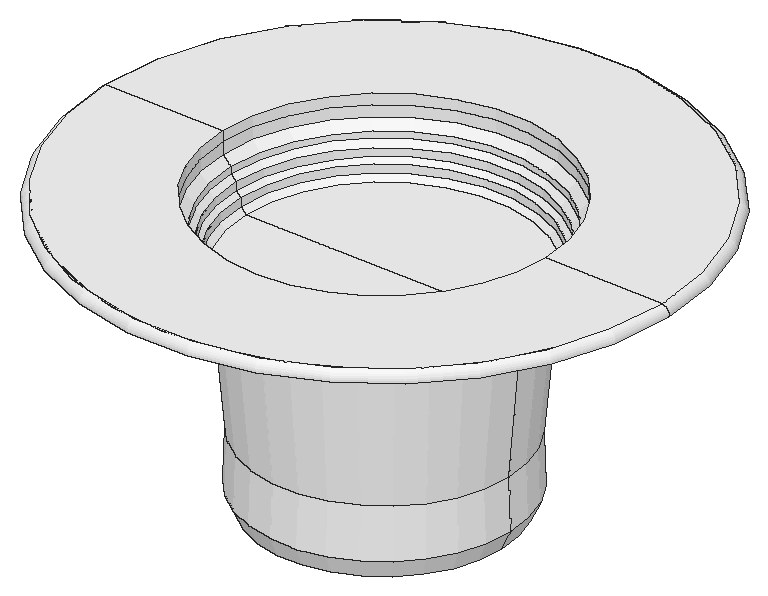
Revit family "CDL6", category Lighting Fixtures, host Face, Revit 2014
Parameters (values of type "CDL6")
  Watts = 10 W
  Wattage Comments = ""
  Wattage = 36 W
  Warranty = "5 Year Warranty"  # constant formula
  built-in parameter 1150110 = 1 (stored number, unit not read)
  Voltage = 120 V
  URL = "https://www.hubbell.com/prescolite/en/"
  Type Comments = "Lighting Fixture"  # constant formula
  built-in parameter 1114217 = 1 (stored number, unit not read)
  Tilt Angle = -90.00°
  built-in parameter 1150109 = 1 (stored number, unit not read)
  built-in parameter 1150134 = 3
  built-in parameter 1150113 = 1 (stored number, unit not read)
  Product Page URL = "https://www.hubbell.com/prescolite/en/Products/Lighting-Controls/Commercial-Indoor-Lighting/Recessed-Downlights/CDL/p/2171380"
  Product Name = "CDL6"  # constant formula
  Product Documentation Link = "https://hubbellcdn.com/specsheet/ts_pre_cdl_spec_sheet.pdf"
  Power Factor = 0.9
  Photometric Web Link = "https://www.hubbell.com/prescolite/en/Products/Lighting-Controls/Commercial-Indoor-Lighting/Recessed-Downlights/CDL/p/2171380#prod-resources-section"
  Photometric Web File = "CDL6_8L30KAWH.ies"
  Photometric Notes = "More IES files download on Photometric Web Link"  # constant formula
  Outter Dia = 7.500"
  Model = "CDL6"
  Manufacturer = "Prescolite"  # constant formula
  built-in parameter 1150105 = 238.72 (stored number, unit not read)
  Lumens = 2999.88 lm
  built-in parameter 1150115 = 1 (stored number, unit not read)
  Load Classification = Lighting
  built-in parameter 1150137 = (empty or 0)
  built-in parameter 1150139 = (empty or 0)
  built-in parameter 1150112 = 1 (stored number, unit not read)
  built-in parameter 1150114 = 1 (stored number, unit not read)
  Lamp = "LED"  # constant formula
  Inner Dia = 3.625"
  built-in parameter 1150132 = (empty or 0)
  built-in parameter 1150102 = (empty or 0)
  built-in parameter 1150107 = 3200 (stored number, unit not read)
  built-in parameter 1150138 = (empty or 0)
  built-in parameter 1150106 = 2.3872 (stored number, unit not read)
  Housing Material = Paint - Hubbell - Matte White
  Emit from Circle Diameter = 3.000"  # constant formula
  Emit Shape Visible in Rendering = no
  built-in parameter 1150104 = 7.7416 (stored number, unit not read)
  Dimming Lamp Color Temperature Shift = <None>
  Description = "The CDL4 and CDL6 are recessed downlights designed for new\r\nconstruction or retrofit applications. Each downlight is offered\r\nin 3000K color temperature, with a CRI of 90 for exceptional\r\ncolor rendering. The dimming range is from 100 - 10%. The CDL\r\nseries is designed to meet Energy Star and California Title 24\r\nstandards for residential and non-residential applications."  # constant formula
  Default Elevation = 22.000"
  Create Date = "12/28/2018"  # constant formula
  Contact Us = "https://www.hubbell.com/prescolite/en/contactUs"
  Color Filter = 16777215
  built-in parameter 1114218 = 1 (stored number, unit not read)
  built-in parameter 1150133 = 10 (stored number, unit not read)
  Assembly Code = "D5020210"
  Apparent Load = Watts / Power Factor  # 11.1111 VA
Reference planes (in)
  plane 1 "Center (Front/Back)": y = 0
  plane 2: z = 0
  plane 3 "Center (Left/Right)": x = 0
  plane 4: z = -3.5
  plane 5: x = -3.75
  plane 6: x = 3.75
  plane 7: x = 1.8125
  plane 8: x = -1.8125
  plane 9: z = 0.25928
  plane 10: x = 2.313
  plane 11: x = -2.313
Forms (in)
  Revolve 1, solid, material "Paint - Hubbell - Matte White" <- "Housing Material"
    sketch origin (0, 0, 0) x (1, 0, 0) y (0, 0, 1)
      loop
        line (0, -3.51021) -> (0, -0.74454) -> (-1.82315, -0.74454) -> (-1.89137, -0.67633) -> (-1.89137, -0.57233) -> (-1.95217, -0.51153) -> (-1.95217, -0.4079) -> (-2.02464, -0.33542) -> (-2.02464, -0.25597) -> (-2.1316, -0.1431) -> (-2.1316, 0) -> (-2.1316, 0.13428) -> (-3.66609, 0.13428)
        arc (-3.66609, 0.13428) -> (-3.73149, 0.08179) -> (-3.75, 0) r 0.12719
        line (-3.75, 0) -> (-2.32533, 0) -> (-2.01752, -0.84572) -> (-1.8125, -0.84572) -> (-1.63899, -2.62581)
        arc (-1.63899, -2.62581) -> (-1.66657, -2.94738) -> (-1.66473, -3.27012) r 3.53677
        line (-1.66473, -3.27012) -> (-1.55278, -3.51021) -> (0, -3.51021)
      axis (0, -3.51021) -> (0, 0.13428)
    angle from 0 to 360
Dimensions and locks (in)
  "Outter Dia": plane 5 to plane 6
  "Inner Dia": plane 7 to plane 8
  equal spacing: plane 7, imposter light, plane 8
  equal spacing: plane 5, imposter light, plane 6
  plane 2 to plane 4 = 3.500"
  equal spacing: plane 5, plane 3 "Center (Left/Right)", plane 6
  equal spacing: plane 7, plane 3 "Center (Left/Right)", plane 8
  aligned and locked: plane 2 to host face
  aligned and locked: level to host face
  aligned and locked: imposter light to plane 1 "Center (Front/Back)"
  aligned and locked: plane 3 "Center (Left/Right)" to imposter light
  aligned and locked: imposter light to plane 9
Automatic sketch dimensions
  host sketch curve to host sketch curve = 96.000"
  host sketch curve to host sketch curve = 123.14567"
  Revolve 1 sketch curve to level = 0.000"  (x2)
  plane 5 to Revolve 1 sketch curve = 0.000"
  Revolve 1 sketch curve to plane 8 = 0.000"
  Revolve 1 sketch curve to plane 3 "Center (Left/Right)" = 0.000"  (x2)
  Revolve 1 sketch curve to plane 5 = 0.08391"
  level to Revolve 1 sketch curve = 0.01438"
  Revolve 1 sketch curve to plane 5 = 0.12638"
  Revolve 1 sketch curve to plane 11 = 0.01233"
  plane 11 to Revolve 1 sketch curve = 0.1814"
  Revolve 1 sketch curve to Revolve 1 sketch curve = 0.10696"
  Revolve 1 sketch curve to plane 8 = 0.20502"
  Revolve 1 sketch curve to plane 8 = 0.13967"
  Revolve 1 sketch curve to plane 8 = 0.07887"
  Revolve 1 sketch curve to plane 8 = 0.01065"
  plane 8 to Revolve 1 sketch curve = 0.17351"
  plane 7 to Revolve 1 sketch curve = 0.05488"
  Revolve 1 sketch curve to level = 0.84572"
  Revolve 1 sketch curve to Revolve 1 sketch curve = 0.10118"
  Revolve 1 sketch curve to Revolve 1 sketch curve = 0.06822"
  Revolve 1 sketch curve to Revolve 1 sketch curve = 0.104"
  Revolve 1 sketch curve to Revolve 1 sketch curve = 0.0608"
  Revolve 1 sketch curve to Revolve 1 sketch curve = 0.10363"
  Revolve 1 sketch curve to Revolve 1 sketch curve = 0.07248"
  Revolve 1 sketch curve to Revolve 1 sketch curve = 0.07945"
  Revolve 1 sketch curve to Revolve 1 sketch curve = 0.1431"
  plane 8 to Revolve 1 sketch curve = 0.14777"
  Revolve 1 sketch curve to plane 4 = 0.01021"
  Revolve 1 sketch curve to Revolve 1 sketch curve = 0.11195"
  Revolve 1 sketch curve to Revolve 1 sketch curve = 9.03013"
  plane 4 to Revolve 1 sketch curve = 0.22988"
  plane 9 to Revolve 1 sketch curve = 11.95039"
  plane 4 to Revolve 1 sketch curve = 0.41141"
Connectors (in)
  electrical at (0, 0, -3.51021)
    settings: on Revolve 1, index 1, voltage 120 V, apparent load 0 VA, apparent load phase1 0 VA, apparent load phase2 0 VA, apparent load phase3 0 VA, power factor 0.95, load classification "Other", number of poles 1, system type 30, power factor state 1, is connector primary yes, connector utility no, sub classification motor no, connector description "Lighting Connector"
